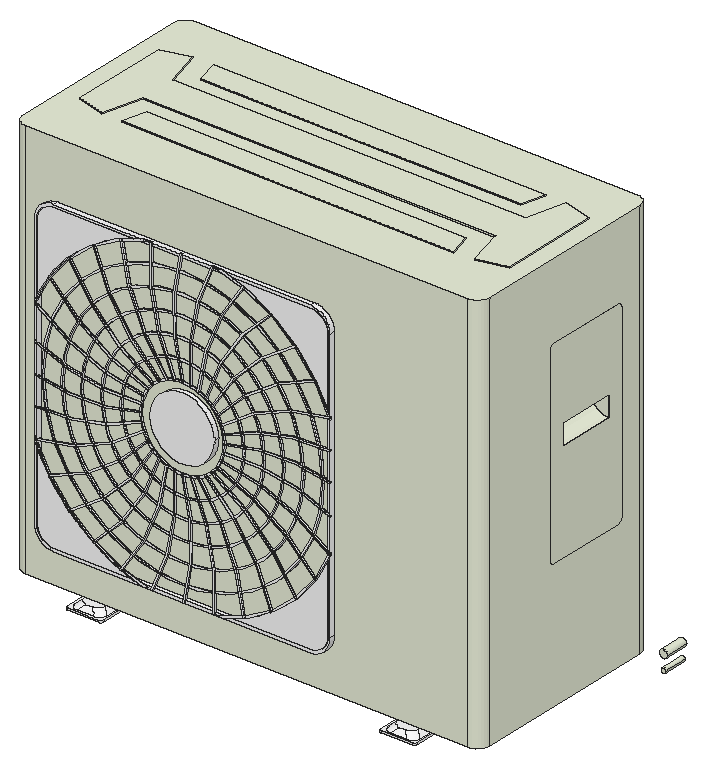
Revit family "ККБ REA I2 12,3 инвертор", category Оборудование, Revit 2022
Family settings
  Размер круглого соединителя = Использовать радиус
  Тип детали = Нормальный
  Номер OmniClass = 23.75.00.00
  Заголовок OmniClass = Climate Control (HVAC)
  На основе рабочей плоскости = Нет
  Всегда вертикально = Да
  При загрузке вырезать с полостями = Нет
  Сохранять ориентацию аннотаций = Нет
  Общий = Нет
  Точка принадлежности помещению = Нет
Parameters (values of type "ККБ REA I2 12,3 инвертор")
  Отметка по умолчанию = 0.000 mm
  clearance access right = 600.000 mm
  clearance access left = 300.000 mm
  clearance access front = 2000.000 mm
  clearance access behind = 300.000 mm
  clearance [instance] = no
  Width = 950.000 mm
  Series = "CCU"
  Power supply = "220-240V 1Ph~50Hz/60Hz"
  Net Weight = 63.00 kg
  Группа модели = "ККБ REA I2 12,3 инвертор"
  Minimum Circuit Amps = 35 A
  Min cable selection (power wiring) = "3×6 mm2"
  Maximum Fuse Amps = 40 A
  Изготовитель = "WAER"  # constant formula
  Liquid pipe Radius = 0.5 * Liquid pipe  # 4.765 mm
  Liquid pipe = 9.530 mm
  Installation = "Outdoor installation"
  Height = 840.000 mm
  Heating Power Input = 3.64 kW
  Heating Capacity = 14.00 kW
  Gas pipe Radius = 0.5 * Gas pipe  # 7.950 mm
  Gas pipe = 15.900 mm
  Gas = "R410A"
  Описание = "High efficiency air cooled"
  Depth = 440.000 mm
  Cooling Power Input = 3.31 kW
  Cooling Capacity = 12.00 kW
  Condensation = "Air"
  Compressor = "1"
  Casing color = "SB2098"
  Air Flow = 5000.00 m³/h
Reference planes
  plane 1 "Center (Front/Back)": y = 0
  plane 2: z = 0
  plane 3 "Center (Left/Right)": x = 0
  plane 4: y = 221
  plane 5: y = -139
  plane 6: x = -473
  plane 7: x = 473
  plane 8: z = 406.5
  plane 9: z = 300.608
  plane 10: z = 840
  plane 11: x = 557
Forms (mm)
  Extrusion 1, solid, material "Galvanized Steel", detail levels medium+fine
    sketch origin (-463, 0, 789) x (1, 0, 0) y (0, 1, 0)
      loop
        line (911, 240) -> (15, 240)
        arc (15, 240) -> (-2.678, 232.678) -> (-10, 215) r 25
        line (-10, 215) -> (-10, -165)
        arc (-10, -165) -> (-2.678, -182.678) -> (15, -190) r 25
        line (15, -190) -> (911, -190)
        arc (911, -190) -> (928.678, -182.678) -> (936, -165) r 25
        line (936, -165) -> (936, 215)
        arc (936, 215) -> (928.678, 232.678) -> (911, 240) r 25
    from -765 to 49
  Extrusion 2, void
    sketch origin (0, 0, 0) x (1, 0, 0) y (0, 0, 1)
      loop
        circle (-122.999, 406.499) r 286
    from 100 to 177
  Extrusion 3, solid, material "Galvanized Steel", detail levels fine
    sketch origin (0, 20, 0) x (1, 0, 0) y (0, 1, 0)
      loop
        line (-436.632, 111.286) -> (-436.632, -88.714) -> (-378.677, -104.243) -> (-357.971, -26.969) -> (0, -26.969) -> (357.971, -26.969) -> (378.677, -104.243) -> (436.632, -88.714) -> (436.632, 111.286) -> (378.677, 126.816) -> (357.971, 49.542) -> (0, 49.542) -> (-357.971, 49.542) -> (-378.677, 126.816) -> (-436.632, 111.286)
      loop
        line (-337.266, 126.816) -> (-324.511, 79.213) -> (0, 79.213) -> (324.511, 79.213) -> (337.266, 126.816) -> (0, 126.816) -> (-337.266, 126.816)
      loop
        line (-337.266, -106.816) -> (0, -106.816) -> (337.266, -106.816) -> (324.511, -59.213) -> (0, -59.213) -> (-324.511, -59.213) -> (-337.266, -106.816)
    from 838 to 840
  Extrusion 4, solid, material "Galvanized Steel", detail levels fine
    sketch origin (0, 5, 0) x (0, 1, 0) y (0, 0, 1)
      loop
        arc (-8.433, 685.069) -> (-15.504, 682.14) -> (-18.433, 675.069) r 10
        line (-18.433, 675.069) -> (-18.433, 295.069)
        arc (-18.433, 295.069) -> (-15.504, 287.998) -> (-8.433, 285.069) r 10
        line (-8.433, 285.069) -> (151.567, 285.069)
        arc (151.567, 285.069) -> (158.638, 287.998) -> (161.567, 295.069) r 10
        line (161.567, 295.069) -> (161.567, 675.069)
        arc (161.567, 675.069) -> (158.638, 682.14) -> (151.567, 685.069) r 10
        line (151.567, 685.069) -> (-8.433, 685.069)
    from 473 to 475
  Extrusion 5, solid, material "Galvanized Steel", detail levels fine
    sketch origin (-473, 221, 810) x (1, 0, 0) y (0, 0, -1)
      loop
        line (721.211, 499.033) -> (721.211, 179.033)
        arc (721.211, 179.033) -> (811.211, 89.033) -> (901.211, 179.033) r 90
        line (901.211, 179.033) -> (901.211, 499.033)
        arc (901.211, 499.033) -> (811.211, 589.033) -> (721.211, 499.033) r 90
    from -362 to -360
  Extrusion 6, void
    sketch origin (-438, -141, 810) x (1, 0, 0) y (0, 0, -1)
      loop
        line (731.52, 217.5) -> (811.52, 217.5) -> (811.52, 257.5) -> (731.52, 257.5) -> (731.52, 217.5)
    from 0 to 30.666
  Extrusion 7, void
    sketch origin (2, 0, 0) x (1, 0, 0) y (0, 0, 1)
      loop
        line (446.25, 532.035) -> (428.211, 532.035)
        arc (428.211, 532.035) -> (441.329, 500.364) -> (473, 487.246) r 44.789
        line (473, 487.246) -> (473, 532.035) -> (446.25, 532.035)
    from -137.024 to -16.461
  Extrusion 8, solid, material "Galvanized Steel"
    sketch origin (610.133, -190, 799) x (-1, 0, 0) y (0, 0, -1)
      loop
        circle (30.982, 736.541) r 4.765
    from -381 to -333.512
  Extrusion 9, solid, material "Galvanized Steel"
    sketch origin (610.133, -190, 829) x (-1, 0, 0) y (0, 0, -1)
      loop
        circle (30.982, 736.541) r 7.95
    from -381 to -333.512
Cuts and joins
  Extrusion 2, Extrusion 6, Extrusion 7 cuts Extrusion 1
  Extrusion 6 cuts Extrusion 5
  Extrusion 7 cuts Extrusion 4
Lines and regions (mm)
  model lines
    curve 1: line (-473, 221, 24) -> (-473, -139, 24)
    curve 2: line (473, 221, 24) -> (-473, 221, 24)
    curve 3: line (473, -139, 24) -> (473, 221, 24)
    curve 4: line (-473, -139, 24) -> (473, -139, 24)
    curve 5: line (473, 221, 838) -> (473, 221, 24)
    curve 6: line (-473, 221, 24) -> (-473, 221, 838)
    curve 7: line (625.133, -190, 838) -> (625.133, -190, 24)
    curve 8: line (-320.867, -190, 24) -> (-320.867, -190, 838)
    curve 9: line (473, -139, 838) -> (473, 221, 838)
    curve 10: line (473, 221, 838) -> (-473, 221, 838)
    curve 11: line (-473, 221, 838) -> (-473, -139, 838)
    curve 12: line (-473, -139, 838) -> (473, -139, 838)
Dimensions and locks
  aligned and locked: level to plane 2
Nested families
  nested 1: "xiaodijia2" at (318, 20, 0), type "xiaodijia2", detail levels medium+fine
  nested 2: "xiaodijia2" at (-318, 20, 0), type "xiaodijia2", detail levels medium+fine
  nested 3: "fengkou300（fangxing2）" at (-123, -200, 406.5) x (1, 0, 0) z (0, 1, 0), type "fengkou300（fangxing2）", detail levels medium+fine
  nested 4: "fengshan270" at (-122.996, -125, 406.5) x (0, 0, 1) z (0, -1, 0), type "fengshan270", detail levels fine
  nested 5: "service space" at (473, -200, 0), Height <- "Height", visible <- "clearance", type "Midea Service  Space"
    with Width 600.000 mm, Height 840.000 mm, Depth 440.000 mm
  nested 6: "service space" at (-773, -200, 0), Height <- "Height", visible <- "clearance", type "Midea Service  Space"
    with Width 300.000 mm, Height 840.000 mm, Depth 440.000 mm
  nested 7: "service space" at (-473, 240, 0), Height <- "Height", visible <- "clearance", type "Midea Service  Space"
    with Width 946.000 mm, Height 840.000 mm, Depth 300.000 mm
  nested 8: "service space" at (-473, -2200, 0), Height <- "Height", visible <- "clearance", type "Midea Service  Space"
    with Width 946.000 mm, Height 840.000 mm, Depth 2000.000 mm
Connectors
  electrical at (333.52, -141, 572.5)
    settings: on cut or joined group of Extrusion 5, Extrusion 6, index 1, voltage 220 V, apparent load 0 VA, apparent load phase1 0 VA, apparent load phase2 0 VA, apparent load phase3 0 VA, power factor 1, load classification "HVAC", number of poles 1, system type 30, power factor state 1, is connector primary yes, connector utility no, sub classification motor no, connector description ""
  piping at (579.151, 191, 62.459), diameter 9.53, driven by "Liquid pipe Radius"
    settings: on Extrusion 8, index 2, connector inside diameter 0.3752", connector length 0.000 mm, flow factor 0, pipe flow 0 GPM, pressure drop 0.00 psi, fitting loss kfactor 0, connector angle 0.00°, fixture units 0, engagement length 0.000 mm, angle of deflection 0.00°, flow configuration 0, flow direction 0, fitting loss method 0, system type 7, joint type 0, gender type 0, connector reference index -1, connector utility 0, adjustable connector no, is connector primary yes, connector description ""
  piping at (579.151, 191, 92.459), diameter 15.9, driven by "Gas pipe Radius"
    settings: on Extrusion 9, index 3, connector inside diameter 0.62598", connector length 0.000 mm, flow factor 0, pipe flow 0 GPM, pressure drop 0.00 psi, fitting loss kfactor 0, connector angle 0.00°, fixture units 0, engagement length 0.000 mm, angle of deflection 0.00°, flow configuration 0, flow direction 0, fitting loss method 0, system type 8, joint type 0, gender type 0, connector reference index -1, connector utility 0, adjustable connector no, is connector primary no, connector description ""
Definition of nested family "xiaodijia2"
  Parameters
    Default Elevation = 0.000 mm
  Reference planes
    plane 1 "Center (Front/Back)": y = 0
    plane 2: z = 0
    plane 3 "Center (Left/Right)": x = 0
    plane 4: y = 227
    plane 5: x = -36.5
    plane 6: x = 36.5
    plane 7: z = 12
    plane 8: z = 3
    plane 9: z = 24
    plane 10: y = -20
    plane 11: y = 20
    plane 12: x = 21.5
    plane 13: x = -21.5
    plane 14: y = 190
    plane 15: y = -190
    plane 16: x = -6
    plane 17: x = 6
    plane 18: y = -186
    plane 19: y = -194
  Forms (mm)
    Blend 1, solid
      base sketch origin (0, 0, 0) x (1, 0, 0) y (0, 1, 0)
        loop
          line (6.5, 212) -> (-6.5, 212)
          arc (-6.5, 212) -> (-17.107, 207.607) -> (-21.5, 197) r 15
          line (-21.5, 197) -> (-21.5, -197)
          arc (-21.5, -197) -> (-17.107, -207.607) -> (-6.5, -212) r 15
          line (-6.5, -212) -> (6.5, -212)
          arc (6.5, -212) -> (17.107, -207.607) -> (21.5, -197) r 15
          line (21.5, -197) -> (21.5, 197)
          arc (21.5, 197) -> (17.107, 207.607) -> (6.5, 212) r 15
      top sketch origin (0, 0, 0) x (1, 0, 0) y (0, 1, 0)
        loop
          line (26.5, 222) -> (-26.5, 222)
          arc (-26.5, 222) -> (-30.036, 220.536) -> (-31.5, 217) r 5
          line (-31.5, 217) -> (-31.5, -207)
          arc (-31.5, -207) -> (-27.107, -217.607) -> (-16.5, -222) r 15
          line (-16.5, -222) -> (16.5, -222)
          arc (16.5, -222) -> (27.107, -217.607) -> (31.5, -207) r 15
          line (31.5, -207) -> (31.5, 217)
          arc (31.5, 217) -> (30.036, 220.536) -> (26.5, 222) r 5
      from 12 to 3
    Blend 2, void
      base sketch origin (0, 0, 0) x (1, 0, 0) y (0, 1, 0)
        loop
          line (6.5, 202) -> (-6.5, 202)
          arc (-6.5, 202) -> (-10.036, 200.536) -> (-11.5, 197) r 5
          line (-11.5, 197) -> (-11.5, -197)
          arc (-11.5, -197) -> (-10.036, -200.536) -> (-6.5, -202) r 5
          line (-6.5, -202) -> (6.5, -202)
          arc (6.5, -202) -> (10.036, -200.536) -> (11.5, -197) r 5
          line (11.5, -197) -> (11.5, 197)
          arc (11.5, 197) -> (10.036, 200.536) -> (6.5, 202) r 5
      top sketch origin (0, 0, 0) x (1, 0, 0) y (0, 1, 0)
        loop
          line (31.5, -207) -> (31.5, 217)
          arc (31.5, 217) -> (30.036, 220.536) -> (26.5, 222) r 5
          line (26.5, 222) -> (-26.5, 222)
          arc (-26.5, 222) -> (-30.036, 220.536) -> (-31.5, 217) r 5
          line (-31.5, 217) -> (-31.5, -207)
          arc (-31.5, -207) -> (-27.107, -217.607) -> (-16.5, -222) r 15
          line (-16.5, -222) -> (16.5, -222)
          arc (16.5, -222) -> (27.107, -217.607) -> (31.5, -207) r 15
      from 8.355 to 3
    Extrusion 3, solid
      sketch origin (0, 0, 0) x (1, 0, 0) y (0, 1, 0)
        loop
          arc (-31.5, 227) -> (-35.036, 225.536) -> (-36.5, 222) r 5
          line (-36.5, 222) -> (-36.5, -222)
          arc (-36.5, -222) -> (-35.036, -225.536) -> (-31.5, -227) r 5
          line (-31.5, -227) -> (31.5, -227)
          arc (31.5, -227) -> (35.036, -225.536) -> (36.5, -222) r 5
          line (36.5, -222) -> (36.5, 222)
          arc (36.5, 222) -> (35.036, 225.536) -> (31.5, 227) r 5
          line (31.5, 227) -> (-31.5, 227)
        loop
          arc (-26.5, 222) -> (-30.036, 220.536) -> (-31.5, 217) r 5
          line (-31.5, 217) -> (-31.5, -207)
          arc (-31.5, -207) -> (-27.107, -217.607) -> (-16.5, -222) r 15
          line (-16.5, -222) -> (16.5, -222)
          arc (16.5, -222) -> (27.107, -217.607) -> (31.5, -207) r 15
          line (31.5, -207) -> (31.5, 217)
          arc (31.5, 217) -> (30.036, 220.536) -> (26.5, 222) r 5
          line (26.5, 222) -> (-26.5, 222)
      from 0 to 3
    Extrusion 4, solid
      sketch origin (0, 0, 0) x (0, 1, 0) y (0, 0, 1)
        loop
          arc (-19.275, 24) -> (-19.902, 23.667) -> (-20.264, 23.056) r 1.312
          line (-20.264, 23.056) -> (-22.833, 13.434)
          arc (-22.833, 13.434) -> (-23.437, 12.605) -> (-24.266, 12) r 3.318
          line (-24.266, 12) -> (24.266, 12)
          arc (24.266, 12) -> (23.437, 12.605) -> (22.833, 13.434) r 3.318
          line (22.833, 13.434) -> (20.264, 23.056)
          arc (20.264, 23.056) -> (19.902, 23.667) -> (19.275, 24) r 1.312
          line (19.275, 24) -> (-19.275, 24)
      from -21.5 to 21.5
    Extrusion 5, solid
      sketch origin (0, 150, 0) x (0, 1, 0) y (0, 0, 1)
        loop
          arc (-19.275, 24) -> (-19.902, 23.667) -> (-20.264, 23.056) r 1.312
          line (-20.264, 23.056) -> (-22.833, 13.434)
          arc (-22.833, 13.434) -> (-23.437, 12.605) -> (-24.266, 12) r 3.318
          line (-24.266, 12) -> (24.266, 12)
          arc (24.266, 12) -> (23.437, 12.605) -> (22.833, 13.434) r 3.318
          line (22.833, 13.434) -> (20.264, 23.056)
          arc (20.264, 23.056) -> (19.902, 23.667) -> (19.275, 24) r 1.312
          line (19.275, 24) -> (-19.275, 24)
      from -21.5 to 21.5
    Extrusion 6, solid
      sketch origin (0, -150, 0) x (0, 1, 0) y (0, 0, 1)
        loop
          arc (-19.275, 24) -> (-19.902, 23.667) -> (-20.264, 23.056) r 1.312
          line (-20.264, 23.056) -> (-22.833, 13.434)
          arc (-22.833, 13.434) -> (-23.437, 12.605) -> (-24.266, 12) r 3.318
          line (-24.266, 12) -> (24.266, 12)
          arc (24.266, 12) -> (23.437, 12.605) -> (22.833, 13.434) r 3.318
          line (22.833, 13.434) -> (20.264, 23.056)
          arc (20.264, 23.056) -> (19.902, 23.667) -> (19.275, 24) r 1.312
          line (19.275, 24) -> (-19.275, 24)
      from -21.5 to 21.5
    Extrusion 7, void
      sketch origin (0, 0, 0) x (1, 0, 0) y (0, 1, 0)
        loop
          arc (-6, -186) -> (-10, -190) -> (-6, -194) r 4
          line (-6, -194) -> (6, -194)
          arc (6, -194) -> (10, -190) -> (6, -186) r 4
          line (6, -186) -> (-6, -186)
        loop
          line (-6, 186) -> (6, 186)
          arc (6, 186) -> (10, 190) -> (6, 194) r 4
          line (6, 194) -> (-6, 194)
          arc (-6, 194) -> (-10, 190) -> (-6, 186) r 4
      from 0 to 20
  Cuts and joins
    Blend 2, Extrusion 7 cuts Blend 1
  Dimensions and locks
    aligned and locked: level to plane 2
Definition of nested family "fengkou300（fangxing2）"
  Parameters
    Default Elevation = 0.000 mm
    Series = ""
    Machine material = none
    Installation = ""
    Gas = ""
    Condensation = ""
  Reference planes
    plane 1 "Center (Front/Back)": y = 0
    plane 2: z = 0
    plane 3 "Center (Left/Right)": x = 0
    plane 4: y = 316
    plane 5: y = -316
    plane 6: x = -300
    plane 7: x = 300
    plane 8: through (306.104, -306.102, 1219.2) normal (-0.7071, -0.7071, 0)
    plane 9: through (-306.478, -306.479, 1219.2) normal (0.7071, -0.7071, 0)
  Forms (mm)
    Extrusion 1, solid, material <- "Machine material"
      sketch origin (0, 0, 0) x (1, 0, 0) y (0, 1, 0)
        loop
          arc (-260, 316) -> (-288.284, 304.284) -> (-300, 276) r 40
          line (-300, 276) -> (-300, -276)
          arc (-300, -276) -> (-288.284, -304.284) -> (-260, -316) r 40
          line (-260, -316) -> (260, -316)
          arc (260, -316) -> (288.284, -304.284) -> (300, -276) r 40
          line (300, -276) -> (300, 276)
          arc (300, 276) -> (288.284, 304.284) -> (260, 316) r 40
          line (260, 316) -> (-260, 316)
        loop
          line (260, 311) -> (-260, 311)
          arc (-260, 311) -> (-284.749, 300.749) -> (-295, 276) r 35
          line (-295, 276) -> (-295, -276)
          arc (-295, -276) -> (-284.749, -300.749) -> (-260, -311) r 35
          line (-260, -311) -> (260, -311)
          arc (260, -311) -> (284.749, -300.749) -> (295, -276) r 35
          line (295, -276) -> (295, 276)
          arc (295, 276) -> (284.749, 300.749) -> (260, 311) r 35
      from 0 to 10
    Extrusion 2, solid, material <- "Machine material"
      sketch origin (-1059.446, 0, 0) x (1, 0, 0) y (0, 1, 0)
        loop
          arc (1057.944, 325.999) -> (1075.678, 204.494) -> (1057.944, 82.989) r 425.111
          line (1057.944, 82.989) -> (1060.944, 82.989)
          arc (1060.944, 82.989) -> (1079.329, 204.494) -> (1060.944, 325.999) r 410.684
          line (1060.944, 325.999) -> (1057.944, 325.999)
        loop
          arc (1060.948, -325.999) -> (1043.214, -204.494) -> (1060.948, -82.989) r 425.111
          line (1060.948, -82.989) -> (1057.948, -82.989)
          arc (1057.948, -82.989) -> (1039.562, -204.494) -> (1057.948, -325.999) r 410.684
          line (1057.948, -325.999) -> (1060.948, -325.999)
        loop
          arc (1385.445, 1.502) -> (1263.939, -16.232) -> (1142.434, 1.502) r 425.111
          line (1142.434, 1.502) -> (1142.434, -1.498)
          arc (1142.434, -1.498) -> (1263.939, -19.884) -> (1385.445, -1.498) r 410.684
          line (1385.445, -1.498) -> (1385.445, 1.502)
        loop
          arc (733.447, -1.502) -> (854.952, 16.232) -> (976.457, -1.502) r 425.111
          line (976.457, -1.502) -> (976.457, 1.498)
          arc (976.457, 1.498) -> (854.952, 19.884) -> (733.447, 1.498) r 410.684
          line (733.447, 1.498) -> (733.447, -1.502)
        loop
          arc (1288.9, 231.578) -> (1215.522, 133.121) -> (1117.065, 59.744) r 425.111
          line (1117.065, 59.744) -> (1119.187, 57.623)
          arc (1119.187, 57.623) -> (1218.105, 130.539) -> (1291.021, 229.457) r 410.684
          line (1291.021, 229.457) -> (1288.9, 231.578)
        loop
          arc (829.992, -231.578) -> (903.369, -133.121) -> (1001.826, -59.744) r 425.111
          line (1001.826, -59.744) -> (999.705, -57.623)
          arc (999.705, -57.623) -> (900.787, -130.539) -> (827.871, -229.457) r 410.684
          line (827.871, -229.457) -> (829.992, -231.578)
        loop
          arc (1291.024, -229.454) -> (1192.567, -156.077) -> (1119.19, -57.62) r 425.111
          line (1119.19, -57.62) -> (1117.068, -59.741)
          arc (1117.068, -59.741) -> (1189.985, -158.659) -> (1288.903, -231.575) r 410.684
          line (1288.903, -231.575) -> (1291.024, -229.454)
        loop
          arc (827.868, 229.454) -> (926.325, 156.077) -> (999.702, 57.62) r 425.111
          line (999.702, 57.62) -> (1001.823, 59.741)
          arc (1001.823, 59.741) -> (928.907, 158.659) -> (829.989, 231.575) r 410.684
          line (829.989, 231.575) -> (827.868, 229.454)
        loop
          arc (1182.812, 301.758) -> (1152.699, 182.716) -> (1089.816, 77.246) r 425.111
          line (1089.816, 77.246) -> (1092.588, 76.098)
          arc (1092.588, 76.098) -> (1156.072, 181.318) -> (1185.584, 300.61) r 410.684
          line (1185.584, 300.61) -> (1182.812, 301.758)
        loop
          arc (936.079, -301.758) -> (966.193, -182.716) -> (1029.075, -77.246) r 425.111
          line (1029.075, -77.246) -> (1026.304, -76.098)
          arc (1026.304, -76.098) -> (962.819, -181.318) -> (933.308, -300.61) r 410.684
          line (933.308, -300.61) -> (936.079, -301.758)
        loop
          arc (1361.204, -123.366) -> (1242.162, -93.253) -> (1136.692, -30.371) r 425.111
          line (1136.692, -30.371) -> (1135.544, -33.142)
          arc (1135.544, -33.142) -> (1240.764, -96.626) -> (1360.056, -126.138) r 410.684
          line (1360.056, -126.138) -> (1361.204, -123.366)
        loop
          arc (757.687, 123.366) -> (876.73, 93.253) -> (982.199, 30.371) r 425.111
          line (982.199, 30.371) -> (983.347, 33.142)
          arc (983.347, 33.142) -> (878.127, 96.626) -> (758.835, 126.138) r 410.684
          line (758.835, 126.138) -> (757.687, 123.366)
        loop
          arc (1360.054, 126.142) -> (1254.585, 63.26) -> (1135.542, 33.146) r 425.111
          line (1135.542, 33.146) -> (1136.69, 30.375)
          arc (1136.69, 30.375) -> (1255.982, 59.886) -> (1361.203, 123.37) r 410.684
          line (1361.203, 123.37) -> (1360.054, 126.142)
        loop
          arc (758.837, -126.142) -> (864.307, -63.26) -> (983.349, -33.146) r 425.111
          line (983.349, -33.146) -> (982.201, -30.375)
          arc (982.201, -30.375) -> (862.909, -59.886) -> (757.689, -123.37) r 410.684
          line (757.689, -123.37) -> (758.837, -126.142)
        loop
          arc (1185.588, -300.609) -> (1122.706, -195.139) -> (1092.592, -76.097) r 425.111
          line (1092.592, -76.097) -> (1089.82, -77.245)
          arc (1089.82, -77.245) -> (1119.332, -196.537) -> (1182.816, -301.757) r 410.684
          line (1182.816, -301.757) -> (1185.588, -300.609)
        loop
          arc (933.304, 300.609) -> (996.186, 195.139) -> (1026.3, 76.097) r 425.111
          line (1026.3, 76.097) -> (1029.071, 77.245)
          arc (1029.071, 77.245) -> (999.56, 196.537) -> (936.075, 301.757) r 410.684
          line (936.075, 301.757) -> (933.304, 300.609)
        loop
          arc (1121.572, 320.028) -> (1115.261, 197.398) -> (1074.163, 81.687) r 425.111
          line (1074.163, 81.687) -> (1077.105, 81.102)
          arc (1077.105, 81.102) -> (1118.842, 196.685) -> (1124.514, 319.443) r 410.684
          line (1124.514, 319.443) -> (1121.572, 320.028)
        loop
          arc (997.32, -320.028) -> (1003.631, -197.398) -> (1044.729, -81.687) r 425.111
          line (1044.729, -81.687) -> (1041.786, -81.102)
          arc (1041.786, -81.102) -> (1000.049, -196.685) -> (994.378, -319.443) r 410.684
          line (994.378, -319.443) -> (997.32, -320.028)
        loop
          arc (1379.474, -62.126) -> (1256.843, -55.815) -> (1141.133, -14.717) r 425.111
          line (1141.133, -14.717) -> (1140.548, -17.659)
          arc (1140.548, -17.659) -> (1256.131, -59.396) -> (1378.888, -65.068) r 410.684
          line (1378.888, -65.068) -> (1379.474, -62.126)
        loop
          arc (739.418, 62.126) -> (862.048, 55.815) -> (977.759, 14.717) r 425.111
          line (977.759, 14.717) -> (978.344, 17.659)
          arc (978.344, 17.659) -> (862.761, 59.396) -> (740.003, 65.068) r 410.684
          line (740.003, 65.068) -> (739.418, 62.126)
        loop
          arc (1329.669, 182.364) -> (1238.494, 100.114) -> (1127.614, 47.355) r 425.111
          line (1127.614, 47.355) -> (1129.28, 44.861)
          arc (1129.28, 44.861) -> (1240.523, 97.078) -> (1331.336, 179.87) r 410.684
          line (1331.336, 179.87) -> (1329.669, 182.364)
        loop
          arc (789.222, -182.364) -> (880.397, -100.114) -> (991.278, -47.355) r 425.111
          line (991.278, -47.355) -> (989.611, -44.861)
          arc (989.611, -44.861) -> (878.369, -97.078) -> (787.556, -179.87) r 410.684
          line (787.556, -179.87) -> (789.222, -182.364)
        loop
          arc (1241.81, -270.223) -> (1159.56, -179.048) -> (1106.801, -68.168) r 425.111
          line (1106.801, -68.168) -> (1104.306, -69.835)
          arc (1104.306, -69.835) -> (1156.524, -181.077) -> (1239.316, -271.89) r 410.684
          line (1239.316, -271.89) -> (1241.81, -270.223)
        loop
          arc (877.082, 270.223) -> (959.332, 179.048) -> (1012.091, 68.168) r 425.111
          line (1012.091, 68.168) -> (1014.585, 69.835)
          arc (1014.585, 69.835) -> (962.368, 181.077) -> (879.576, 271.89) r 410.684
          line (879.576, 271.89) -> (877.082, 270.223)
        loop
          arc (1239.312, 271.893) -> (1186.553, 161.012) -> (1104.303, 69.837) r 425.111
          line (1104.303, 69.837) -> (1106.797, 68.17)
          arc (1106.797, 68.17) -> (1189.589, 158.984) -> (1241.806, 270.226) r 410.684
          line (1241.806, 270.226) -> (1239.312, 271.893)
        loop
          arc (879.58, -271.893) -> (932.339, -161.012) -> (1014.589, -69.837) r 425.111
          line (1014.589, -69.837) -> (1012.094, -68.17)
          arc (1012.094, -68.17) -> (929.303, -158.984) -> (877.085, -270.226) r 410.684
          line (877.085, -270.226) -> (879.58, -271.893)
        loop
          arc (1331.338, -179.866) -> (1220.458, -127.107) -> (1129.283, -44.857) r 425.111
          line (1129.283, -44.857) -> (1127.616, -47.351)
          arc (1127.616, -47.351) -> (1218.429, -130.143) -> (1329.672, -182.361) r 410.684
          line (1329.672, -182.361) -> (1331.338, -179.866)
        loop
          arc (787.553, 179.866) -> (898.434, 127.107) -> (989.609, 44.857) r 425.111
          line (989.609, 44.857) -> (991.275, 47.351)
          arc (991.275, 47.351) -> (900.462, 130.143) -> (789.22, 182.361) r 410.684
          line (789.22, 182.361) -> (787.553, 179.866)
        loop
          arc (1378.887, 65.072) -> (1263.177, 23.975) -> (1140.547, 17.664) r 425.111
          line (1140.547, 17.664) -> (1141.132, 14.721)
          arc (1141.132, 14.721) -> (1263.889, 20.393) -> (1379.473, 62.13) r 410.684
          line (1379.473, 62.13) -> (1378.887, 65.072)
        loop
          arc (740.004, -65.072) -> (855.715, -23.975) -> (978.345, -17.664) r 425.111
          line (978.345, -17.664) -> (977.76, -14.721)
          arc (977.76, -14.721) -> (855.002, -20.393) -> (739.419, -62.13) r 410.684
          line (739.419, -62.13) -> (740.004, -65.072)
        loop
          arc (1124.518, -319.442) -> (1083.42, -203.731) -> (1077.109, -81.101) r 425.111
          line (1077.109, -81.101) -> (1074.167, -81.686)
          arc (1074.167, -81.686) -> (1079.839, -204.444) -> (1121.576, -320.027) r 410.684
          line (1121.576, -320.027) -> (1124.518, -319.442)
        loop
          arc (994.373, 319.442) -> (1035.471, 203.731) -> (1041.782, 81.101) r 425.111
          line (1041.782, 81.101) -> (1044.725, 81.686)
          arc (1044.725, 81.686) -> (1039.053, 204.444) -> (997.316, 320.027) r 410.684
          line (997.316, 320.027) -> (994.373, 319.442)
      from 0 to 2
    Extrusion 3, solid, material <- "Machine material"
      sketch origin (-1059.446, 0, 0) x (1, 0, 0) y (0, 1, 0)
        loop
          circle (1059.448, 0) r 65
      from 0 to 20
    Extrusion 4, solid, material <- "Machine material"
      sketch origin (0, 0, 0) x (1, 0, 0) y (0, 1, 0)
        loop
          circle (0, 0.002) r 326
        loop
          circle (0, 0.002) r 323
        loop
          circle (0, 0.002) r 286
        loop
          circle (0, 0.002) r 283
        loop
          circle (0, 0.002) r 246
        loop
          circle (0, 0.002) r 243
        loop
          circle (0, 0.002) r 206
        loop
          circle (0, 0.002) r 203
        loop
          circle (0, 0.002) r 166
        loop
          circle (0, 0.002) r 163
        loop
          circle (0, 0.002) r 126
        loop
          circle (0, 0.002) r 123
        loop
          circle (0, 0.002) r 86
        loop
          circle (0, 0.002) r 83
      from 0 to 2
    Extrusion 5, void
      sketch origin (0, 0, 0) x (1, 0, 0) y (0, 1, 0)
        loop
          line (260, 316) -> (-260, 316)
          arc (-260, 316) -> (-288.284, 304.284) -> (-300, 276) r 40
          line (-300, 276) -> (-300, -276)
          arc (-300, -276) -> (-288.284, -304.284) -> (-260, -316) r 40
          line (-260, -316) -> (260, -316)
          arc (260, -316) -> (288.284, -304.284) -> (300, -276) r 40
          line (300, -276) -> (300, 276)
          arc (300, 276) -> (288.284, 304.284) -> (260, 316) r 40
        loop
          arc (-260, 416) -> (-358.995, 374.995) -> (-400, 276) r 140
          line (-400, 276) -> (-400, -276)
          arc (-400, -276) -> (-358.995, -374.995) -> (-260, -416) r 140
          line (-260, -416) -> (260, -416)
          arc (260, -416) -> (358.995, -374.995) -> (400, -276) r 140
          line (400, -276) -> (400, 276)
          arc (400, 276) -> (358.995, 374.995) -> (260, 416) r 140
          line (260, 416) -> (-260, 416)
      from 0 to 250
    Extrusion 6, solid, material <- "Machine material"
      sketch origin (0, 0, 0) x (1, 0, 0) y (0, 1, 0)
        loop
          line (-97.757, 311) -> (-260, 311)
          arc (-260, 311) -> (-284.749, 300.749) -> (-295, 276) r 35
          line (-295, 276) -> (-295, 138.75)
          arc (-295, 138.75) -> (-214.434, 245.551) -> (-97.757, 311) r 326
        loop
          arc (-295, -276) -> (-284.749, -300.749) -> (-260, -311) r 35
          line (-260, -311) -> (-97.743, -311)
          arc (-97.743, -311) -> (-214.429, -245.551) -> (-295, -138.746) r 326
          line (-295, -138.746) -> (-295, -276)
        loop
          arc (260, -311) -> (284.749, -300.749) -> (295, -276) r 35
          line (295, -276) -> (295, -138.746)
          arc (295, -138.746) -> (214.429, -245.551) -> (97.743, -311) r 326
          line (97.743, -311) -> (260, -311)
        loop
          arc (295, 276) -> (284.749, 300.749) -> (260, 311) r 35
          line (260, 311) -> (97.757, 311)
          arc (97.757, 311) -> (214.434, 245.551) -> (295, 138.75) r 326
          line (295, 138.75) -> (295, 276)
      from 0 to 2
  Cuts and joins
    Extrusion 5 cuts Extrusion 1
    Extrusion 5 cuts Extrusion 2
    Extrusion 5 cuts Extrusion 4
  Dimensions and locks
    aligned and locked: level to plane 2
Definition of nested family "fengshan270"
  Parameters
    Default Elevation = 0.000 mm
  Reference planes
    plane 1 "Center (Front/Back)": y = 0
    plane 2: z = 0
    plane 3 "Center (Left/Right)": x = 0
  Forms (mm)
    Extrusion 1, solid
      sketch origin (0, 0, 0) x (1, 0, 0) y (0, 1, 0)
        loop
          circle (0, 0) r 50
      from 0 to 30
    Extrusion 2, solid
      sketch origin (-20, 0, 0) x (0, -1, 0) y (1, 0, 0)
        loop
          arc (32.105, 288.084) -> (-94.042, 273.093) -> (-199.371, 202.075) r 270
          arc (-199.371, 202.075) -> (-134.798, 110.882) -> (-35, 60.622) r 231.205
          arc (-35, 60.622) -> (0, 70) -> (35, 60.622) r 70
          arc (35, 60.622) -> (-8.793, 173.814) -> (32.105, 288.084) r 173.918
      from 0 to 30
    Extrusion 3, solid
      sketch origin (20, 0, 0) x (0, 1, 0) y (-1, 0, 0)
        loop
          arc (32.105, 288.084) -> (-94.042, 273.093) -> (-199.371, 202.075) r 270
          arc (-199.371, 202.075) -> (-134.798, 110.882) -> (-35, 60.622) r 231.205
          arc (-35, 60.622) -> (0, 70) -> (35, 60.622) r 70
          arc (35, 60.622) -> (-8.793, 173.814) -> (32.105, 288.084) r 173.918
      from 0 to 30
    Extrusion 4, solid
      sketch origin (0, 0, 0) x (1, 0, 0) y (0, 1, 0)
        loop
          arc (32.105, 268.084) -> (-94.042, 253.093) -> (-199.371, 182.075) r 270
          arc (-199.371, 182.075) -> (-134.798, 90.882) -> (-35, 40.622) r 231.205
          arc (-35, 40.622) -> (0, 50) -> (35, 40.622) r 70
          arc (35, 40.622) -> (-8.793, 153.814) -> (32.105, 268.084) r 173.918
        loop
          arc (199.371, -182.075) -> (134.798, -90.882) -> (35, -40.622) r 231.205
          arc (35, -40.622) -> (0, -50) -> (-35, -40.622) r 70
          arc (-35, -40.622) -> (8.793, -153.814) -> (-32.105, -268.084) r 173.918
          arc (-32.105, -268.084) -> (94.042, -253.093) -> (199.371, -182.075) r 270
      from 0 to 30
  Dimensions and locks
    aligned and locked: level to plane 2
Definition of nested family "service space"
  Parameters
    Default Elevation = 0.000 mm
    Width [instance] = 500.000 mm
    Height [instance] = 500.000 mm
    Depth [instance] = 500.000 mm
  Reference planes
    plane 1 "Center (Front/Back)": y = 0
    plane 2: z = 0
    plane 3 "Center (Left/Right)": x = 0
    plane 4: z = 500
    plane 5: y = 500
    plane 6: x = 500
  Forms (mm)
    Extrusion 1, solid
      sketch origin (0, 0, 0) x (1, 0, 0) y (0, 1, 0)
        loop
          line (0, 500) -> (0, 0) -> (500, 0) -> (500, 500) -> (0, 500)
      from 0 to 500
  Dimensions and locks
    "Width": plane 3 "Center (Left/Right)" to plane 6
    "Depth": plane 5 to plane 1 "Center (Front/Back)"
    "Height": level to plane 4
    aligned and locked: level to plane 2
    aligned and locked: plane 5 to Extrusion 1
    aligned and locked: Extrusion 1 to plane 6
    aligned and locked: Extrusion 1 to plane 3 "Center (Left/Right)"
    aligned and locked: plane 1 "Center (Front/Back)" to Extrusion 1
    aligned and locked: Extrusion 1 to plane 4
  Automatic sketch dimensions
    Extrusion 1 sketch curve to plane 3 "Center (Left/Right)" = 0.000 mm
    plane 1 "Center (Front/Back)" to Extrusion 1 sketch curve = 0.000 mm
    Extrusion 1 sketch curve to plane 6 = 0.000 mm
    Extrusion 1 sketch curve to plane 5 = 0.000 mm
